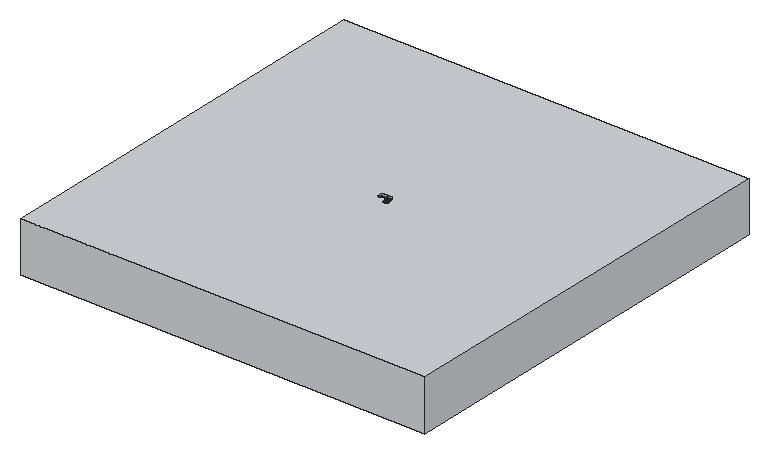
Revit family "Hekatron_Rauchwarnmelder_FM.Pro X_DE_22.01", category Brandmelder, Revit 2018
Family settings
  Basisbauteil = Fläche
  Beschriftungsausrichtung beibehalten = Ja
  Bemaßung runder Anschluss = Durchmesser verwenden
  Teiletyp = Normal
  OmniClass-Nummer = 23.85.30.21
  OmniClass-Titel = Environmental Detection/Registration
  Beim Laden mit Abzugskörper schneiden = Nein
  Gemeinsam genutzt = Nein
  Raumberechnungspunkt = Nein
Parameters (values of type "FM.Pro X")
  Zulässige Umgebungstemperatur = "0 °C bis + 55 °C"
  Zulässige Luftgeschwindigkeit = ""
  Zulassungen nach EN 54 = ""
  Width [instance] = 60 mm
  Version des BIM Objektes = "22.01"
  VdS-Anerkennung = "G 219068"
  URL = "https://www.hekatron-brandschutz.de"
  UB A&S Artikel Nummer = "31-5200001-12-02"
  Typenkommentare = "Funkmodul Pro X"
  Tiefe (mm) = "78.0"
  Stromaufnahme = ""
  Schutzart = ""
  Rauchteil einstellbar = ""
  Nettogewicht (g) = "12.0"
  Montageart = ""
  Modell = "FM.Pro X"
  Material = "PCB"
  Link zum Datenblatt = ""
  Link zu ausschreiben.de = "https://www.ausschreiben.de/katalog/Hekatron/position/219"
  Link zu Produktinformation = ""
  Link zu Ausschreibungstext = "https://www.meinhplus.de/login"
  Leistungserklärung (DoP) = "CPR-31-19-003-de-en"
  Lautstärke DIN-Ton (dB) = ""
  Kabeleinführung = ""
  Höhe (mm) = "10.0"
  Hersteller = "Hekatron"
  Heigth [instance] = 78 mm
  Funktionsprinzip = "Funk"
  Farbe = ""
  Ex-Zonen = ""
  Einstellung Temperaturklasse nach EN 54-5 = ""
  Einstellung Temperaturindex nach EN 54-5 = ""
  Einstellung Rauchempfindlichkeit nach EN 54-20 = ""
  Einstellen Rauchempfindlichkeit nach EN 54-7 = ""
  EG-Konformitätszertifikat / Zertifikat der Leistungsbeständigkeit = ""
  Durchmesser (mm) = ""
  Depth [instance] = 6.5 mm
  Vorgabe-Ansicht = 1200 mm
  Breite (mm) = "60.0"
  Betriebsspannung = ""
  Beschreibung = "Funkmodul Pro X zur Funkvernetzung von Rauchwarnmeldern Genius Plus X und Genius Hx. Durch den Einsatz eines Funkmoduls Pro X wird ein Alarm flächendeckend bei allen Funk-Rauchwarnmeldern gleicher Linie und ggf. Sammelalarmlinie signalisiert. Je Linie können maximal 30 Rauchwarnmelder vernetzt werden."
  Bauartgenehmigungen = ""
  Anzahl Ansaugleitungen = ""
  Ansprechtemperatur = ""
  Alarm- & Empfindlichkeitsbereich = ""
Types (2, lengths in mm): name | URL | Typenkommentare | Beschreibung
  (no name) | "www.hekatron-brandschutz.de" | 0 | 0
  FM.Pro X | "https://www.hekatron-brandschutz.de" | "Funkmodul Pro X" | "Funkmodul Pro X zur Funkvernetzung von Rauchwarnmeldern Genius Plus X und Genius Hx. Durch den Einsatz eines Funkmoduls Pro X wird ein Alarm flächendeckend bei allen Funk-Rauchwarnmeldern gleicher Linie und ggf. Sammelalarmlinie signalisiert. Je Linie können maximal 30 Rauchwarnmelder vernetzt werden."
Values of the unnamed type that differ from the named types
  Zulässige Umgebungstemperatur = ""
  Version des BIM Objektes = ""
  VdS-Anerkennung = ""
  UB A&S Artikel Nummer = ""
  Tiefe (mm) = ""
  Nettogewicht (g) = ""
  Material = ""
  Link zu ausschreiben.de = ""
  Link zu Ausschreibungstext = ""
  Leistungserklärung (DoP) = ""
  Höhe (mm) = ""
  Funktionsprinzip = ""
  Breite (mm) = ""
Reference planes
  plane 1 "Center (Front/Back)": y = 0
  plane 2: z = 0
  plane 3 "Center (Left/Right)": x = 0
Forms (mm)
  Extrusion 1, solid
    sketch origin (0, 0, 0) x (1, 0, 0) y (0, 1, 0)
      loop
        line (-1219.2, 1219.2) -> (-1219.2, -1219.2) -> (1219.2, -1219.2) -> (1219.2, 1219.2) -> (-1219.2, 1219.2)
    from 0 to -304.8
  Extrusion 2, solid, material "GFRP, Green"
    sketch origin (0, 0, 0) x (1, 0, 0) y (0, 1, 0)
      loop
        line (19.985, 30) -> (-30, 30)
        arc (-30, 30) -> (-34.756, 26.404) -> (-39, 22.216) r 45.486
        line (-39, 22.216) -> (-39, -1) -> (-22.5, -1) -> (-22.5, 8) -> (12.5, 8) -> (12.5, -30) -> (34, -30) -> (39, -19.5) -> (39, 3.5)
        arc (39, 3.5) -> (31.95, 18.513) -> (19.985, 30) r 45.478
      loop
        circle (-30, 4) r 2.5
      loop
        circle (20, 4) r 2.5
      loop
        circle (31.75, 2) r 0.8
      loop
        circle (31.75, -0.5) r 0.8
      loop
        circle (31.75, -3) r 0.8
      loop
        circle (31.75, -5.5) r 0.8
      loop
        circle (31.75, -8) r 0.8
      loop
        circle (31.75, -10.5) r 0.8
    from 0 to 1.6
  Extrusion 3, solid, material "Plastic, Opaque Brown"
    sketch origin (0, 0, 0) x (1, 0, 0) y (0, 1, 0)
      loop
        line (8.85, 23.975) -> (2.65, 23.975) -> (2.65, 17.775) -> (8.85, 17.775) -> (8.85, 23.975)
    from 1.6 to 5.1
  Extrusion 4, solid, material "Plastic, Opaque Red"
    sketch origin (0, 0, 0) x (1, 0, 0) y (0, 1, 0)
      loop
        circle (5.75, 20.875) r 1.7
    from 5.1 to 6.5
  Extrusion 5, solid, material "Plastic, Transparent"
    sketch origin (0, 0, 0) x (1, 0, 0) y (0, 1, 0)
      loop
        line (33.1, 10.875) -> (30.9, 10.875) -> (30.9, 8.875) -> (33.1, 8.875) -> (33.1, 10.875)
    from 1.6 to 2.9
  Revolve 6, solid, material "Plastic, Transparent"
    sketch origin (32, 0, 0) x (0, 1, 0) y (0, 0, 1)
      loop
        line (9.875, 4.52) -> (9.875, 2.9) -> (10.75, 2.9) -> (10.672, 3.79)
        arc (10.672, 3.79) -> (10.415, 4.31) -> (9.875, 4.52) r 0.8
      axis (9.875, 2.9) -> (9.875, 4.52)
    angle from 0 to 360
  Extrusion 7, solid, material "Plastic, Opaque Black"
    sketch origin (0, 0, 0) x (1, 0, 0) y (0, 1, 0)
      loop
        line (13.76, -3) -> (13.76, -9.2) -> (29.94, -9.2) -> (29.94, -3) -> (13.76, -3)
    from 1.6 to 4.6
  Extrusion 8, solid, material "Plastic, Opaque Black"
    sketch origin (0, 0, 0) x (1, 0, 0) y (0, 1, 0)
      loop
        line (23.1, -11.9) -> (15.9, -11.9) -> (15.9, -19.1) -> (23.1, -19.1) -> (23.1, -11.9)
      loop
        line (23.1, -19.65) -> (15.9, -19.65) -> (15.9, -26.85) -> (23.1, -26.85) -> (23.1, -19.65)
    from 1.6 to 4.9
  Extrusion 9, void
    sketch origin (0, 0, 0) x (1, 0, 0) y (0, 1, 0)
      loop
        line (15, -4.6) -> (15, -7.6) -> (16, -7.6) -> (16, -4.6) -> (15, -4.6)
      loop
        line (17.54, -4.6) -> (17.54, -7.6) -> (18.54, -7.6) -> (18.54, -4.6) -> (17.54, -4.6)
      loop
        line (20.08, -4.6) -> (20.08, -7.6) -> (21.08, -7.6) -> (21.08, -4.6) -> (20.08, -4.6)
      loop
        line (22.62, -4.6) -> (22.62, -7.6) -> (23.62, -7.6) -> (23.62, -4.6) -> (22.62, -4.6)
      loop
        line (25.16, -4.6) -> (25.16, -7.6) -> (26.16, -7.6) -> (26.16, -4.6) -> (25.16, -4.6)
      loop
        line (28.7, -7.6) -> (28.7, -4.6) -> (27.7, -4.6) -> (27.7, -7.6) -> (28.7, -7.6)
    from 4.4 to 4.6
  Extrusion 10, solid, material "Steel, Cast"
    sketch origin (0, 0, 0) x (1, 0, 0) y (0, 1, 0)
      loop
        line (15.05, -5.55) -> (15.95, -5.55) -> (15.95, -4.65) -> (15.05, -4.65) -> (15.05, -5.55)
      loop
        line (17.59, -5.55) -> (18.49, -5.55) -> (18.49, -4.65) -> (17.59, -4.65) -> (17.59, -5.55)
      loop
        line (20.13, -5.55) -> (21.03, -5.55) -> (21.03, -4.65) -> (20.13, -4.65) -> (20.13, -5.55)
      loop
        line (22.67, -5.55) -> (23.57, -5.55) -> (23.57, -4.65) -> (22.67, -4.65) -> (22.67, -5.55)
      loop
        line (25.21, -5.55) -> (26.11, -5.55) -> (26.11, -4.65) -> (25.21, -4.65) -> (25.21, -5.55)
      loop
        line (27.75, -5.55) -> (28.65, -5.55) -> (28.65, -4.65) -> (27.75, -4.65) -> (27.75, -5.55)
    from 4.4 to 4.6
  Extrusion 11, solid, material "Steel, Cast"
    sketch origin (0, 0, 0) x (1, 0, 0) y (0, 1, 0)
      loop
        circle (19.5, -15.5) r 1.9
      loop
        circle (19.5, -23.25) r 1.9
    from 4.9 to 5.523
Cuts and joins
  Extrusion 9 cuts Extrusion 2
  Extrusion 9 cuts Extrusion 7
Dimensions and locks
  "Heigth": Extrusion 2 to Extrusion 2
  "Width": Extrusion 2 to Extrusion 2
  "Depth": Extrusion 4 to Extrusion 1
  aligned and locked: plane 2 to Extrusion 1
  aligned and locked: level to Extrusion 1
Automatic sketch dimensions
  Extrusion 1 sketch curve to Extrusion 1 sketch curve = 2438.4 mm  (x2)
  Extrusion 2 sketch curve to Extrusion 2 sketch curve = 0 mm  (x23)
  plane 1 "Center (Front/Back)" to Extrusion 2 sketch curve = 1 mm
  Extrusion 2 sketch curve to plane 3 "Center (Left/Right)" = 39 mm
  Extrusion 2 sketch curve to Extrusion 2 sketch curve = 9 mm  (x2)
  Extrusion 2 sketch curve to plane 1 "Center (Front/Back)" = 4 mm  (x2)
  Extrusion 2 sketch curve to Extrusion 2 sketch curve = 7.5 mm  (x2)
  Extrusion 2 sketch curve to plane 3 "Center (Left/Right)" = 5 mm
  plane 3 "Center (Left/Right)" to Extrusion 2 sketch curve = 12.5 mm
  plane 3 "Center (Left/Right)" to Extrusion 2 sketch curve = 19.985 mm
  plane 1 "Center (Front/Back)" to Extrusion 2 sketch curve = 0.5 mm
  Extrusion 2 sketch curve to Extrusion 2 sketch curve = 11.75 mm
  Extrusion 2 sketch curve to Extrusion 2 sketch curve = 2.25 mm
  plane 1 "Center (Front/Back)" to Extrusion 2 sketch curve = 19.5 mm
  Extrusion 2 sketch curve to Extrusion 2 sketch curve = 7.25 mm
  Extrusion 2 sketch curve to Extrusion 2 sketch curve = 10.5 mm
  Extrusion 2 sketch curve to Extrusion 2 sketch curve = 10 mm
  Extrusion 2 sketch curve to Extrusion 2 sketch curve = 2.5 mm  (x5)
  plane 1 "Center (Front/Back)" to Extrusion 2 sketch curve = 8 mm
  Extrusion 2 sketch curve to plane 1 "Center (Front/Back)" = 2 mm
  Extrusion 2 sketch curve to plane 1 "Center (Front/Back)" = 3.5 mm
  Extrusion 2 sketch curve to Extrusion 2 sketch curve = 4 mm
  Extrusion 2 sketch curve to Extrusion 2 sketch curve = 0.8 mm  (x6)
  plane 3 "Center (Left/Right)" to Extrusion 3 sketch curve = 2.65 mm
  Extrusion 3 sketch curve to Extrusion 3 sketch curve = 6.2 mm  (x2)
  Extrusion 3 sketch curve to plane 1 "Center (Front/Back)" = 17.775 mm
  Extrusion 4 sketch curve to Extrusion 4 sketch curve = 0 mm  (x2)
  plane 3 "Center (Left/Right)" to Extrusion 4 sketch curve = 5.75 mm
  Extrusion 4 sketch curve to plane 1 "Center (Front/Back)" = 20.875 mm
  Extrusion 4 sketch curve to Extrusion 4 sketch curve = 1.7 mm
  Extrusion 5 sketch curve to plane 1 "Center (Front/Back)" = 10.875 mm
  plane 3 "Center (Left/Right)" to Extrusion 5 sketch curve = 30.9 mm
  Extrusion 5 sketch curve to Extrusion 5 sketch curve = 2.2 mm
  Extrusion 5 sketch curve to Extrusion 5 sketch curve = 2 mm
  level to Revolve 6 sketch curve = 3.72 mm
  Revolve 6 sketch curve to plane 1 "Center (Front/Back)" = 9.875 mm
  level to Revolve 6 sketch curve = 3.79 mm
  Revolve 6 sketch curve to Revolve 6 sketch curve = 0.797 mm
  Revolve 6 sketch curve to Revolve 6 sketch curve = 0.875 mm
  Revolve 6 sketch curve to Revolve 6 sketch curve = 0.82 mm
  Revolve 6 sketch curve to Revolve 6 sketch curve = 0 mm  (x2)
  Revolve 6 sketch curve to Revolve 6 sketch curve = 0.22 mm
  plane 1 "Center (Front/Back)" to Extrusion 7 sketch curve = 3 mm
  plane 3 "Center (Left/Right)" to Extrusion 7 sketch curve = 29.94 mm
  plane 3 "Center (Left/Right)" to Extrusion 7 sketch curve = 13.76 mm
  Extrusion 7 sketch curve to Extrusion 7 sketch curve = 6.2 mm
  plane 3 "Center (Left/Right)" to Extrusion 8 sketch curve = 15.9 mm
  plane 1 "Center (Front/Back)" to Extrusion 8 sketch curve = 11.9 mm
  Extrusion 8 sketch curve to Extrusion 8 sketch curve = 7.2 mm  (x3)
  Extrusion 8 sketch curve to Extrusion 8 sketch curve = 0 mm  (x2)
  Extrusion 8 sketch curve to Extrusion 8 sketch curve = 0.55 mm
  plane 3 "Center (Left/Right)" to Extrusion 9 sketch curve = 15 mm
  Extrusion 9 sketch curve to Extrusion 9 sketch curve = 1 mm  (x6)
  plane 1 "Center (Front/Back)" to Extrusion 9 sketch curve = 7.6 mm
  Extrusion 9 sketch curve to Extrusion 9 sketch curve = 3 mm
  Extrusion 9 sketch curve to Extrusion 9 sketch curve = 1.54 mm  (x5)
  Extrusion 9 sketch curve to Extrusion 9 sketch curve = 0 mm  (x10)
  plane 1 "Center (Front/Back)" to Extrusion 10 sketch curve = 4.65 mm  (x2)
  plane 3 "Center (Left/Right)" to Extrusion 10 sketch curve = 15.05 mm
  Extrusion 10 sketch curve to Extrusion 10 sketch curve = 0.9 mm  (x12)
  Extrusion 10 sketch curve to Extrusion 10 sketch curve = 1.64 mm  (x5)
  Extrusion 10 sketch curve to Extrusion 10 sketch curve = 0 mm  (x4)
  plane 3 "Center (Left/Right)" to Extrusion 11 sketch curve = 19.5 mm
  plane 1 "Center (Front/Back)" to Extrusion 11 sketch curve = 15.5 mm
  Extrusion 11 sketch curve to Extrusion 11 sketch curve = 1.9 mm  (x2)
  Extrusion 11 sketch curve to Extrusion 11 sketch curve = 0 mm  (x3)
  Extrusion 11 sketch curve to Extrusion 11 sketch curve = 7.75 mm
